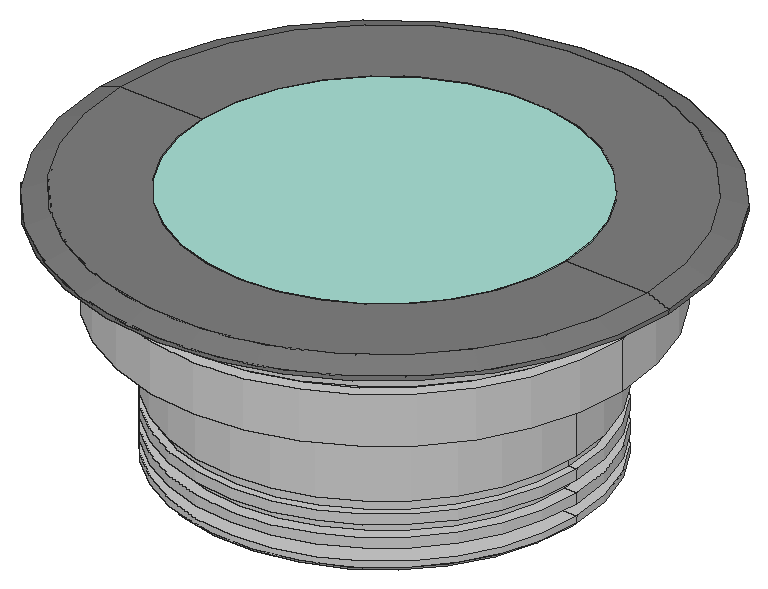
Revit family "Bright 5.F", category Lighting Fixtures, host Face, Revit 2017 (continued)
Types (16, lengths in mm): name | Wattage | Power | Photometric Web File | Optics | built-in parameter 1150142 | built-in parameter 1150105 | Lumens | built-in parameter 1150106 | Apparent Load Phase 1
  Bright 5.F W 15°x47° (3000K 14W 24Vdc) | 7.04178 W | "14W" | "BRIGHT 5.F W 15°x47° [3000K 14W 24Vdc].IES" | "15°x47°" | "IESNA:LM-63-2002\r\n[TEST] 20190614-1155.LDT\r\n[TESTLAB] L&L\r\n[TESTDATE] 14 Jun 2019\r\n[ISSUEDATE] 14 Jun 2019\r\n[MANUFAC] L&L\r\n[LUMCAT] BRIGHT 5.F W 15°x47° [3000K 14W 24Vdc]\r\n[LUMINAIRE] BRIGHT 5.F W 15°x47° [3000K 14W 24Vdc]\r\n[FLASHAREA] 0.001900\r\n[LAMPCAT] Power LED High Intensity\r\n[LAMP] Power LED High Intensity\r\nTILT=NONE\r\n3 267.33 1.0 181 73 1 2 -0.100 -0.100 0.000\r\n1.00 1.00 14.00\r\n0.00 1.00 2.00 3.00 4.00 5.00 6.00 7.00 8.00 9.00 10.00 \r\n11.00 12.00 13.00 14.00 15.00 16.00 17.00 18.00 19.00 \r\n20.00 21.00 22.00 23.00 24.00 25.00 26.00 27.00 28.00 \r\n29.00 30.00 31.00 32.00 33.00 34.00 35.00 36.00 37.00 \r\n38.00 39.00 40.00 41.00 42.00 43.00 44.00 45.00 46.00 \r\n47.00 48.00 49.00 50.00 51.00 52.00 53.00 54.00 55.00 \r\n56.00 57.00 58.00 59.00 60.00 61.00 62.00 63.00 64.00 \r\n65.00 66.00 67.00 68.00 69.00 70.00 71.00 72.00 73.00 \r\n74.00 75.00 76.00 77.00 78.00 79.00 80.00 81.00 82.00 \r\n83.00 84.00 85.00 86.00 87.00 88.00 89.00 90.00 91.00 \r\n92.00 93.00 94.00 95.00 96.00 97.00 98.00 99.00 100.00 \r\n101.00 102.00 103.00 104.00 105.00 106.00 107.00 108.00 \r\n109.00 110.00 111.00 112.00 113.00 114.00 115.00 116.00 \r\n117.00 118.00 119.00 120.00 121.00 122.00 123.00 124.00 \r\n125.00 126.00 127.00 128.00 129.00 130.00 131.00 132.00 \r\n133.00 134.00 135.00 136.00 137.00 138.00 139.00 140.00 \r\n141.00 142.00 143.00 144.00 145.00 146.00 147.00 148.00 \r\n149.00 150.00 151.00 152.00 153.00 154.00 155.00 156.00 \r\n157.00 158.00 159.00 160.00 161.00 162.00 163.00 164.00 \r\n165.00 166.00 167.00 168.00 169.00 170.00 171.00 172.00 \r\n173.00 174.00 175.00 176.00 177.00 178.00 179.00 180.00 \r\n0.00 5.00 10.00 15.00 20.00 25.00 30.00 35.00 40.00 45.00 \r\n50.00 55.00 60.00 65.00 70.00 75.00 80.00 85.00 90.00 \r\n95.00 100.00 105.00 110.00 115.00 120.00 125.00 130.00 \r\n135.00 140.00 145.00 150.00 155.00 160.00 165.00 170.00 \r\n175.00 180.00 185.00 190.00 195.00 200.00 205.00 210.00 \r\n215.00 220.00 225.00 230.00 235.00 240.00 245.00 250.00 \r\n255.00 260.00 265.00 270.00 275.00 280.00 285.00 290.00 \r\n295.00 300.00 305.00 310.00 315.00 320.00 325.00 330.00 \r\n335.00 340.00 345.00 350.00 355.00 360.00 \r\n3191.58 3193.62 3171.21 3137.40 3091.36 3043.67 3000.06 \r\n2958.74 2925.28 2901.33 2884.49 2873.42 2861.87 2844.76 \r\n2815.34 2769.59 2707.48 2615.20 2496.79 2358.73 2203.56 \r\n2030.50 1855.05 1659.44 1478.52 1288.04 1120.83 956.38 \r\n815.71 679.85 574.06 473.20 387.67 319.57 264.86 222.06 \r\n184.40 155.84 131.72 112.43 95.47 81.39 66.92 56.58 47.34 \r\n40.40 35.20 30.62 27.11 23.55 20.38 17.57 15.17 12.72 \r\n10.88 9.02 7.62 6.25 5.22 4.45 3.83 3.30 2.88 2.48 2.15 \r\n1.89 1.64 1.46 1.30 1.16 1.04 0.91 0.76 0.63 0.52 0.44 \r\n0.38 0.34 0.31 0.28 0.25 0.23 0.20 0.18 0.16 0.13 0.11 \r\n0.09 0.06 0.02 0.00 0.00 0.00 0.00 0.00 0.00 0.00 0.00 \r\n0.00 0.00 0.00 0.00 0.00 0.00 0.00 0.00 0.00 0.00 0.00 \r\n0.00 0.00 0.00 0.00 0.00 0.00 0.00 0.00 0.00 0.00 0.00 \r\n0.00 0.00 0.00 0.00 0.00 0.00 0.00 0.00 0.00 0.00 0.00 \r\n0.00 0.00 0.00 0.00 0.00 0.00 0.00 0.00 0.00 0.00 0.00 \r\n0.00 0.00 0.00 0.00 0.00 0.00 0.00 0.00 0.00 0.00 0.00 \r\n0.00 0.00 0.00 0.00 0.00 0.00 0.00 0.00 0.00 0.00 0.00 \r\n0.00 0.00 0.00 0.00 0.00 0.00 0.00 0.00 0.00 0.00 0.00 \r\n0.00 0.00 0.00 0.00 0.00 0.00 \r\n3191.58 3194.55 3170.41 3135.80 3087.30 3038.00 2985.89 \r\n2941.94 2905.37 2876.82 2855.25 2839.63 2820.19 2796.07 \r\n2760.54 2708.29 2639.07 2539.79 2423.62 2284.70 2122.43 \r\n1952.93 1782.34 1594.99 1410.82 1238.15 1069.19 916.12 \r\n778.99 651.74 545.42 451.56 373.27 308.54 253.79 211.54 \r\n178.53 150.71 128.05 109.34 92.64 78.90 65.95 55.18 46.77 \r\n39.81 34.63 30.15 26.38 22.94 19.98 17.10 14.71 12.41 \r\n10.55 8.84 7.33 6.22 5.22 4.42 3.79 3.25 2.81 2.46 2.12 \r\n1.87 1.64 1.44 1.29 1.14 1.02 0.90 0.76 0.62 0.51 0.43 \r\n0.38 0.34 0.31 0.28 0.25 0.23 0.20 0.18 0.16 0.13 0.11 \r\n0.09 0.06 0.02 0.00 0.00 0.00 0.00 0.00 0.00 0.00 0.00 \r\n0.00 0.00 0.00 0.00 0.00 0.00 0.00 0.00 0.00 0.00 0.00 \r\n0.00 0.00 0.00 0.00 0.00 0.00 0.00 0.00 0.00 0.00 0.00 \r\n0.00 0.00 0.00 0.00 0.00 0.00 0.00 0.00 0.00 0.00 0.00 \r\n0.00 0.00 0.00 0.00 0.00 0.00 0.00 0.00 0.00 0.00 0.00 \r\n0.00 0.00 0.00 0.00 0.00 0.00 0.00 0.00 0.00 0.00 0.00 \r\n0.00 0.00 0.00 0.00 0.00 0.00 0.00 0.00 0.00 0.00 0.00 \r\n0.00 0.00 0.00 0.00 0.00 0.00 0.00 0.00 0.00 0.00 0.00 \r\n0.00 0.00 0.00 0.00 0.00 0.00 \r\n3191.58 3194.72 3166.61 3125.40 3073.92 3017.77 2959.14 \r\n2901.57 2850.09 2807.69 2768.33 2735.49 2699.82 2656.09 \r\n2605.40 2536.69 2456.47 2345.54 2225.57 2079.89 1922.10 \r\n1749.79 1595.26 1412.79 1252.67 1089.14 936.44 799.95 \r\n671.08 563.09 471.78 391.52 322.96 270.56 224.52 190.82 \r\n160.13 136.12 116.09 99.69 84.53 72.45 60.85 52.04 44.35 \r\n37.82 32.75 28.33 24.70 21.38 18.31 15.72 13.46 11.31 \r\n9.57 8.01 6.86 5.89 4.99 4.29 3.65 3.13 2.70 2.37 2.06 \r\n1.83 1.59 1.41 1.25 1.11 0.96 0.84 0.72 0.61 0.50 0.43 \r\n0.37 0.33 0.30 0.27 0.25 0.22 0.20 0.17 0.15 0.13 0.11 \r\n0.09 0.06 0.02 0.00 0.00 0.00 0.00 0.00 0.00 0.00 0.00 \r\n0.00 0.00 0.00 0.00 0.00 0.00 0.00 0.00 0.00 0.00 0.00 \r\n0.00 0.00 0.00 0.00 0.00 0.00 0.00 0.00 0.00 0.00 0.00 \r\n0.00 0.00 0.00 0.00 0.00 0.00 0.00 0.00 0.00 0.00 0.00 \r\n0.00 0.00 0.00 0.00 0.00 0.00 0.00 0.00 0.00 0.00 0.00 \r\n0.00 0.00 0.00 0.00 0.00 0.00 0.00 0.00 0.00 0.00 0.00 \r\n0.00 0.00 0.00 0.00 0.00 0.00 0.00 0.00 0.00 0.00 0.00 \r\n0.00 0.00 0.00 0.00 0.00 0.00 0.00 0.00 0.00 0.00 0.00 \r\n0.00 0.00 0.00 0.00 0.00 0.00 \r\n3191.58 3192.99 3159.59 3110.70 3049.20 2980.93 2905.65 \r\n2834.15 2764.18 2701.38 2636.55 2576.38 2511.91 2447.58 \r\n2364.79 2280.13 2179.61 2056.32 1925.00 1781.56 1632.48 \r\n1476.70 1322.52 1170.14 1024.00 882.66 758.99 642.48 \r\n541.44 450.99 376.88 316.30 264.88 223.06 188.68 161.40 \r\n137.54 118.17 101.59 88.15 75.06 64.00 54.72 47.35 40.55 \r\n34.81 29.90 25.83 22.36 19.06 16.39 13.89 11.84 9.86 8.39 \r\n7.20 6.26 5.44 4.71 4.06 3.47 2.99 2.57 2.26 1.97 1.75 \r\n1.54 1.36 1.20 1.05 0.90 0.79 0.68 0.57 0.48 0.41 0.36 \r\n0.32 0.29 0.26 0.23 0.21 0.19 0.17 0.15 0.13 0.11 0.09 \r\n0.06 0.02 0.00 0.00 0.00 0.00 0.00 0.00 0.00 0.00 0.00 \r\n0.00 0.00 0.00 0.00 0.00 0.00 0.00 0.00 0.00 0.00 0.00 \r\n0.00 0.00 0.00 0.00 0.00 0.00 0.00 0.00 0.00 0.00 0.00 \r\n0.00 0.00 0.00 0.00 0.00 0.00 0.00 0.00 0.00 0.00 0.00 \r\n0.00 0.00 0.00 0.00 0.00 0.00 0.00 0.00 0.00 0.00 0.00 \r\n0.00 0.00 0.00 0.00 0.00 0.00 0.00 0.00 0.00 0.00 0.00 \r\n0.00 0.00 0.00 0.00 0.00 0.00 0.00 0.00 0.00 0.00 0.00 \r\n0.00 0.00 0.00 0.00 0.00 0.00 0.00 0.00 0.00 0.00 0.00 \r\n0.00 0.00 0.00 0.00 0.00 \r\n3191.58 3189.40 3151.30 3095.59 3018.74 2933.84 2839.72 \r\n2750.09 2651.07 2558.66 2465.05 2376.01 2280.78 2186.50 \r\n2084.48 1978.22 1857.34 1732.05 1591.03 1460.27 1313.51 \r\n1174.29 1039.00 908.77 784.75 672.21 576.67 489.07 410.42 \r\n343.99 290.89 244.03 208.52 177.07 152.47 131.40 114.03 \r\n99.16 86.50 74.89 64.32 55.20 47.52 41.37 35.90 31.06 \r\n26.67 22.84 19.41 16.57 14.08 11.85 10.09 8.67 7.52 6.50 \r\n5.69 4.91 4.29 3.72 3.25 2.83 2.47 2.15 1.90 1.67 1.49 \r\n1.31 1.13 0.97 0.85 0.74 0.64 0.55 0.46 0.39 0.34 0.30 \r\n0.27 0.25 0.22 0.20 0.18 0.16 0.14 0.12 0.10 0.08 0.06 \r\n0.03 0.01 0.00 0.00 0.00 0.00 0.00 0.00 0.00 0.00 0.00 \r\n0.00 0.00 0.00 0.00 0.00 0.00 0.00 0.00 0.00 0.00 0.00 \r\n0.00 0.00 0.00 0.00 0.00 0.00 0.00 0.00 0.00 0.00 0.00 \r\n0.00 0.00 0.00 0.00 0.00 0.00 0.00 0.00 0.00 0.00 0.00 \r\n0.00 0.00 0.00 0.00 0.00 0.00 0.00 0.00 0.00 0.00 0.00 \r\n0.00 0.00 0.00 0.00 0.00 0.00 0.00 0.00 0.00 0.00 0.00 \r\n0.00 0.00 0.00 0.00 0.00 0.00 0.00 0.00 0.00 0.00 0.00 \r\n0.00 0.00 0.00 0.00 0.00 0.00 0.00 0.00 0.00 0.00 0.00 \r\n0.00 0.00 0.00 0.00 \r\n3191.58 3187.23 3139.02 3074.95 2984.94 2878.56 2765.01 \r\n2646.90 2519.51 2397.91 2275.38 2154.48 2031.11 1908.46 \r\n1788.20 1664.25 1532.92 1400.49 1273.06 1139.04 1012.94 \r\n891.35 780.81 674.44 581.96 496.68 426.39 360.32 305.57 \r\n260.04 220.25 189.02 163.47 141.61 123.46 108.27 94.87 \r\n83.51 72.23 63.20 54.27 47.10 41.02 35.61 31.07 27.02 \r\n23.16 19.80 16.77 14.09 11.88 10.15 8.86 7.71 6.71 5.85 \r\n5.12 4.50 3.91 3.41 3.01 2.65 2.34 2.07 1.82 1.60 1.40 \r\n1.23 1.07 0.92 0.80 0.69 0.61 0.52 0.45 0.38 0.33 0.29 \r\n0.26 0.24 0.22 0.20 0.18 0.16 0.14 0.12 0.10 0.08 0.06 \r\n0.02 0.00 0.00 0.00 0.00 0.00 0.00 0.00 0.00 0.00 0.00 \r\n0.00 0.00 0.00 0.00 0.00 0.00 0.00 0.00 0.00 0.00 0.00 \r\n0.00 0.00 0.00 0.00 0.00 0.00 0.00 0.00 0.00 0.00 0.00 \r\n0.00 0.00 0.00 0.00 0.00 0.00 0.00 0.00 0.00 0.00 0.00 \r\n0.00 0.00 0.00 0.00 0.00 0.00 0.00 0.00 0.00 0.00 0.00 \r\n0.00 0.00 0.00 0.00 0.00 0.00 0.00 0.00 0.00 0.00 0.00 \r\n0.00 0.00 0.00 0.00 0.00 0.00 0.00 0.00 0.00 0.00 0.00 \r\n0.00 0.00 0.00 0.00 0.00 0.00 0.00 0.00 0.00 0.00 0.00 \r\n0.00 0.00 0.00 0.00 \r\n3191.58 3183.19 3130.04 3045.96 2942.91 2814.38 2677.25 \r\n2529.30 2376.89 2231.84 2080.08 1935.31 1782.28 1643.93 \r\n1503.86 1370.08 1242.22 1110.38 991.61 872.85 766.44 \r\n667.47 579.18 498.90 427.98 364.65 313.47 268.08 230.27 \r\n198.86 171.73 149.17 130.71 114.71 100.87 89.41 78.70 \r\n69.22 60.48 52.95 45.85 40.02 34.81 30.47 26.48 22.98 \r\n19.72 16.76 14.22 12.07 10.36 9.05 7.95 6.94 6.09 5.32 \r\n4.67 4.10 3.59 3.14 2.78 2.47 2.19 1.94 1.72 1.52 1.32 \r\n1.16 1.01 0.88 0.76 0.66 0.58 0.50 0.43 0.36 0.32 0.28 \r\n0.25 0.23 0.21 0.19 0.17 0.15 0.13 0.12 0.10 0.08 0.06 \r\n0.03 0.01 0.00 0.00 0.00 0.00 0.00 0.00 0.00 0.00 0.00 \r\n0.00 0.00 0.00 0.00 0.00 0.00 0.00 0.00 0.00 0.00 0.00 \r\n0.00 0.00 0.00 0.00 0.00 0.00 0.00 0.00 0.00 0.00 0.00 \r\n0.00 0.00 0.00 0.00 0.00 0.00 0.00 0.00 0.00 0.00 0.00 \r\n0.00 0.00 0.00 0.00 0.00 0.00 0.00 0.00 0.00 0.00 0.00 \r\n0.00 0.00 0.00 0.00 0.00 0.00 0.00 0.00 0.00 0.00 0.00 \r\n0.00 0.00 0.00 0.00 0.00 0.00 0.00 0.00 0.00 0.00 0.00 \r\n0.00 0.00 0.00 0.00 0.00 0.00 0.00 0.00 0.00 0.00 0.00 \r\n0.00 0.00 0.00 0.00 \r\n3191.58 3178.57 3115.50 3016.11 2899.42 2751.58 2589.73 \r\n2420.17 2236.07 2059.33 1886.71 1720.05 1549.41 1399.72 \r\n1253.67 1121.90 994.47 874.47 764.58 666.37 578.52 500.23 \r\n432.85 374.16 322.08 277.58 239.52 207.35 180.49 157.68 \r\n138.25 121.78 107.28 94.81 83.97 74.52 66.11 58.03 50.91 \r\n44.28 38.50 33.75 29.68 25.98 22.67 19.57 16.75 14.42 \r\n12.45 10.83 9.42 8.24 7.20 6.34 5.55 4.86 4.29 3.76 3.30 \r\n2.91 2.58 2.29 2.03 1.79 1.58 1.41 1.25 1.09 0.97 0.84 \r\n0.73 0.64 0.56 0.49 0.41 0.35 0.30 0.27 0.24 0.22 0.20 \r\n0.18 0.17 0.15 0.13 0.11 0.10 0.08 0.06 0.02 0.01 0.00 \r\n0.00 0.00 0.00 0.00 0.00 0.00 0.00 0.00 0.00 0.00 0.00 \r\n0.00 0.00 0.00 0.00 0.00 0.00 0.00 0.00 0.00 0.00 0.00 \r\n0.00 0.00 0.00 0.00 0.00 0.00 0.00 0.00 0.00 0.00 0.00 \r\n0.00 0.00 0.00 0.00 0.00 0.00 0.00 0.00 0.00 0.00 0.00 \r\n0.00 0.00 0.00 0.00 0.00 0.00 0.00 0.00 0.00 0.00 0.00 \r\n0.00 0.00 0.00 0.00 0.00 0.00 0.00 0.00 0.00 0.00 0.00 \r\n0.00 0.00 0.00 0.00 0.00 0.00 0.00 0.00 0.00 0.00 0.00 \r\n0.00 0.00 0.00 0.00 0.00 0.00 0.00 0.00 0.00 0.00 0.00 \r\n0.00 \r\n3191.58 3174.85 3102.63 2992.50 2849.63 2684.44 2494.17 \r\n2296.99 2100.84 1897.18 1707.45 1524.73 1346.97 1190.85 \r\n1049.39 919.79 799.66 693.91 601.76 521.45 448.90 386.97 \r\n335.29 291.10 252.78 219.67 192.22 167.96 148.26 129.81 \r\n115.01 101.72 90.07 79.94 70.86 62.97 55.55 49.03 43.04 \r\n37.65 32.82 28.83 25.18 22.09 19.35 16.86 14.74 12.96 \r\n11.43 10.01 8.72 7.64 6.68 5.82 5.12 4.50 3.95 3.48 3.08 \r\n2.71 2.39 2.10 1.84 1.63 1.45 1.31 1.17 1.04 0.91 0.80 \r\n0.70 0.62 0.54 0.47 0.39 0.34 0.29 0.26 0.23 0.21 0.19 \r\n0.18 0.16 0.14 0.13 0.11 0.09 0.08 0.05 0.02 0.01 0.00 \r\n0.00 0.00 0.00 0.00 0.00 0.00 0.00 0.00 0.00 0.00 0.00 \r\n0.00 0.00 0.00 0.00 0.00 0.00 0.00 0.00 0.00 0.00 0.00 \r\n0.00 0.00 0.00 0.00 0.00 0.00 0.00 0.00 0.00 0.00 0.00 \r\n0.00 0.00 0.00 0.00 0.00 0.00 0.00 0.00 0.00 0.00 0.00 \r\n0.00 0.00 0.00 0.00 0.00 0.00 0.00 0.00 0.00 0.00 0.00 \r\n0.00 0.00 0.00 0.00 0.00 0.00 0.00 0.00 0.00 0.00 0.00 \r\n0.00 0.00 0.00 0.00 0.00 0.00 0.00 0.00 0.00 0.00 0.00 \r\n0.00 0.00 0.00 0.00 0.00 0.00 0.00 0.00 0.00 0.00 0.00 \r\n0.00 \r\n3191.58 3170.86 3087.68 2964.34 2799.97 2617.47 2403.18 \r\n2180.99 1966.62 1750.60 1546.02 1355.81 1172.74 1018.66 \r\n885.81 760.92 654.34 563.18 485.45 419.24 362.53 314.62 \r\n273.99 238.69 208.88 182.26 160.34 141.45 124.88 111.02 \r\n97.92 87.06 77.53 68.80 60.96 54.01 47.76 42.18 37.07 \r\n32.61 28.48 24.82 21.76 19.07 16.86 14.98 13.41 11.99 \r\n10.69 9.45 8.29 7.23 6.31 5.50 4.79 4.20 3.71 3.27 2.86 \r\n2.50 2.19 1.91 1.69 1.51 1.36 1.22 1.10 0.98 0.88 0.78 \r\n0.68 0.60 0.53 0.45 0.38 0.32 0.28 0.25 0.22 0.20 0.19 \r\n0.17 0.15 0.14 0.12 0.11 0.09 0.08 0.05 0.02 0.00 0.00 \r\n0.00 0.00 0.00 0.00 0.00 0.00 0.00 0.00 0.00 0.00 0.00 \r\n0.00 0.00 0.00 0.00 0.00 0.00 0.00 0.00 0.00 0.00 0.00 \r\n0.00 0.00 0.00 0.00 0.00 0.00 0.00 0.00 0.00 0.00 0.00 \r\n0.00 0.00 0.00 0.00 0.00 0.00 0.00 0.00 0.00 0.00 0.00 \r\n0.00 0.00 0.00 0.00 0.00 0.00 0.00 0.00 0.00 0.00 0.00 \r\n0.00 0.00 0.00 0.00 0.00 0.00 0.00 0.00 0.00 0.00 0.00 \r\n0.00 0.00 0.00 0.00 0.00 0.00 0.00 0.00 0.00 0.00 0.00 \r\n0.00 0.00 0.00 0.00 0.00 0.00 0.00 0.00 0.00 0.00 0.00 \r\n0.00 \r\n3191.58 3147.45 3077.83 2935.09 2754.70 2547.61 2321.01 \r\n2083.49 1842.98 1616.50 1402.05 1217.86 1037.56 881.11 \r\n754.16 644.58 554.46 474.07 407.46 353.31 305.68 265.56 \r\n233.48 203.71 179.64 157.56 138.88 122.70 108.43 96.18 \r\n85.45 75.80 67.41 59.89 53.21 47.40 42.06 37.23 32.74 \r\n28.66 24.92 21.80 19.07 16.93 15.17 13.73 12.42 11.24 \r\n10.13 9.05 8.02 7.04 6.14 5.30 4.61 4.03 3.52 3.06 2.65 \r\n2.29 2.00 1.78 1.59 1.43 1.29 1.15 1.04 0.94 0.84 0.76 \r\n0.67 0.59 0.52 0.44 0.37 0.31 0.27 0.24 0.22 0.20 0.18 \r\n0.16 0.15 0.13 0.12 0.10 0.09 0.07 0.05 0.02 0.01 0.00 \r\n0.00 0.00 0.00 0.00 0.00 0.00 0.00 0.00 0.00 0.00 0.00 \r\n0.00 0.00 0.00 0.00 0.00 0.00 0.00 0.00 0.00 0.00 0.00 \r\n0.00 0.00 0.00 0.00 0.00 0.00 0.00 0.00 0.00 0.00 0.00 \r\n0.00 0.00 0.00 0.00 0.00 0.00 0.00 0.00 0.00 0.00 0.00 \r\n0.00 0.00 0.00 0.00 0.00 0.00 0.00 0.00 0.00 0.00 0.00 \r\n0.00 0.00 0.00 0.00 0.00 0.00 0.00 0.00 0.00 0.00 0.00 \r\n0.00 0.00 0.00 0.00 0.00 0.00 0.00 0.00 0.00 0.00 0.00 \r\n0.00 0.00 0.00 0.00 0.00 0.00 0.00 0.00 0.00 0.00 0.00 \r\n0.00 \r\n3191.58 3139.42 3047.12 2913.19 2719.69 2491.20 2244.85 \r\n1998.11 1749.76 1510.65 1290.17 1098.39 923.75 781.84 \r\n663.90 561.16 480.32 411.14 355.04 307.27 267.37 234.53 \r\n205.87 180.63 158.54 139.22 122.93 108.86 96.48 85.39 \r\n75.80 67.51 59.81 53.44 47.49 42.44 37.73 33.41 29.38 \r\n25.69 22.39 19.55 17.22 15.46 14.04 12.82 11.72 10.67 \r\n9.66 8.73 7.83 6.94 6.09 5.28 4.57 3.91 3.34 2.84 2.45 \r\n2.14 1.90 1.70 1.52 1.37 1.23 1.11 1.00 0.90 0.81 0.73 \r\n0.66 0.59 0.51 0.43 0.36 0.30 0.26 0.23 0.21 0.19 0.17 \r\n0.16 0.15 0.13 0.12 0.10 0.09 0.07 0.05 0.02 0.00 0.00 \r\n0.00 0.00 0.00 0.00 0.00 0.00 0.00 0.00 0.00 0.00 0.00 \r\n0.00 0.00 0.00 0.00 0.00 0.00 0.00 0.00 0.00 0.00 0.00 \r\n0.00 0.00 0.00 0.00 0.00 0.00 0.00 0.00 0.00 0.00 0.00 \r\n0.00 0.00 0.00 0.00 0.00 0.00 0.00 0.00 0.00 0.00 0.00 \r\n0.00 0.00 0.00 0.00 0.00 0.00 0.00 0.00 0.00 0.00 0.00 \r\n0.00 0.00 0.00 0.00 0.00 0.00 0.00 0.00 0.00 0.00 0.00 \r\n0.00 0.00 0.00 0.00 0.00 0.00 0.00 0.00 0.00 0.00 0.00 \r\n0.00 0.00 0.00 0.00 0.00 0.00 0.00 0.00 0.00 0.00 0.00 \r\n0.00 \r\n3191.58 3145.92 3010.90 2842.45 2632.50 2394.35 2136.13 \r\n1877.34 1632.20 1394.08 1181.60 1000.13 835.56 698.97 \r\n591.01 501.44 427.53 366.40 316.57 275.00 240.51 210.32 \r\n184.96 162.38 143.04 125.47 110.19 97.47 86.39 76.41 \r\n68.04 60.67 54.03 48.19 42.95 38.45 34.35 30.36 26.72 \r\n23.37 20.43 17.95 15.95 14.52 13.27 12.13 11.11 10.17 \r\n9.25 8.44 7.60 6.80 6.01 5.23 4.46 3.72 3.14 2.68 2.34 \r\n2.07 1.84 1.64 1.47 1.32 1.20 1.08 0.97 0.88 0.79 0.72 \r\n0.65 0.58 0.49 0.42 0.35 0.29 0.25 0.23 0.20 0.19 0.17 \r\n0.16 0.14 0.13 0.11 0.10 0.09 0.07 0.05 0.02 0.01 0.00 \r\n0.00 0.00 0.00 0.00 0.00 0.00 0.00 0.00 0.00 0.00 0.00 \r\n0.00 0.00 0.00 0.00 0.00 0.00 0.00 0.00 0.00 0.00 0.00 \r\n0.00 0.00 0.00 0.00 0.00 0.00 0.00 0.00 0.00 0.00 0.00 \r\n0.00 0.00 0.00 0.00 0.00 0.00 0.00 0.00 0.00 0.00 0.00 \r\n0.00 0.00 0.00 0.00 0.00 0.00 0.00 0.00 0.00 0.00 0.00 \r\n0.00 0.00 0.00 0.00 0.00 0.00 0.00 0.00 0.00 0.00 0.00 \r\n0.00 0.00 0.00 0.00 0.00 0.00 0.00 0.00 0.00 0.00 0.00 \r\n0.00 0.00 0.00 0.00 0.00 0.00 0.00 0.00 0.00 0.00 0.00 \r\n0.00 \r\n3191.58 3134.49 3025.99 2841.53 2599.19 
